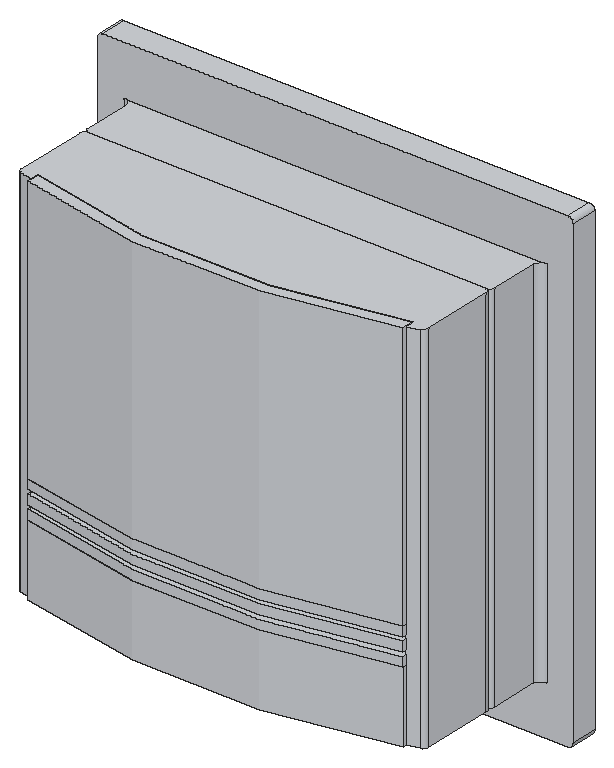
Revit family "室内用湿度ｾﾝｻｰ(ロゴなし)", category Electrical Equipment, Revit 2022
Family settings
  Panel Configuration = Two Columns, Circuits Across
  Round Connector Dimension = Use Diameter
  Part Type = Panelboard
  OmniClass Number = 23.80.30.11.17
  OmniClass Title = Distribution Boards and Control Panels
  Work Plane-Based = No
  Always vertical = Yes
  Cut with Voids When Loaded = No
  Maintain Annotation Orientation = No
  Shared = No
  Room Calculation Point = No
Parameters
  電線管φ [instance] = 1 mm
  Default Elevation = 0 mm
  built-in parameter 1155100 [instance] = -1
  built-in parameter 1140142 [instance] = -1
  built-in parameter 1140140 [instance] = 1 (stored number, unit not read)
Reference planes
  plane 1 "中心(正面/背面)": y = 0
  plane 2: z = 0
  plane 3 "中心(左/右)": x = 0
Forms (mm)
  Extrusion 1, solid
    sketch origin (0, 0, 0) x (1, 0, 0) y (0, 0, 1)
      loop
        arc (-45, -44) -> (-44.707, -44.707) -> (-44, -45) r 1
        line (-44, -45) -> (44, -45)
        arc (44, -45) -> (44.707, -44.707) -> (45, -44) r 1
        line (45, -44) -> (45, 44)
        arc (45, 44) -> (44.707, 44.707) -> (44, 45) r 1
        line (44, 45) -> (-44, 45)
        arc (-44, 45) -> (-44.707, 44.707) -> (-45, 44) r 1
        line (-45, 44) -> (-45, -44)
    from -27.5 to -22.5
  Extrusion 2, solid
    sketch origin (0, 0, 0) x (1, 0, 0) y (0, 1, 0)
      loop
        arc (-40, 22.5) -> (-38.939, 22.061) -> (-38.5, 21) r 1.5
        line (-38.5, 21) -> (-38.5, 12)
        arc (-38.5, 12) -> (-38.207, 11.293) -> (-37.5, 11) r 1
        line (-37.5, 11) -> (37.5, 11)
        arc (37.5, 11) -> (38.207, 11.293) -> (38.5, 12) r 1
        line (38.5, 12) -> (38.5, 21)
        arc (38.5, 21) -> (38.939, 22.061) -> (40, 22.5) r 1.5
        line (40, 22.5) -> (-40, 22.5)
    from -35.5 to 35.41
  Extrusion 3, solid
    sketch origin (0, 0, 0) x (1, 0, 0) y (0, 1, 0)
      loop
        arc (-37.5, 11) -> (-38.207, 10.707) -> (-38.5, 10) r 1
        line (-38.5, 10) -> (-38.5, -3.669)
        arc (-38.5, -3.669) -> (-38.307, -4.259) -> (-37.804, -4.622) r 1
        arc (-37.804, -4.622) -> (-36.654, -4.982) -> (-35.5, -5.331) r 124.5
        line (-35.5, -5.331) -> (-35.5, -3.557)
        arc (-35.5, -3.557) -> (0, -8.8) -> (35.5, -3.557) r 122.8
        line (35.5, -3.557) -> (35.5, -5.331)
        arc (35.5, -5.331) -> (36.654, -4.982) -> (37.804, -4.622) r 124.5
        arc (37.804, -4.622) -> (38.307, -4.259) -> (38.5, -3.669) r 1
        line (38.5, -3.669) -> (38.5, 10)
        arc (38.5, 10) -> (38.207, 10.707) -> (37.5, 11) r 1
        line (37.5, 11) -> (-37.5, 11)
    from -35.5 to 35.5
  Extrusion 4, solid
    sketch origin (0, 0, 0) x (1, 0, 0) y (0, 1, 0)
      loop
        arc (-35.5, -5.853) -> (0, -11) -> (35.5, -5.853) r 125
        line (35.5, -5.853) -> (35.5, -3.557)
        arc (35.5, -3.557) -> (0, -8.8) -> (-35.5, -3.557) r 122.8
        line (-35.5, -3.557) -> (-35.5, -5.853)
    from -35.5 to -22
  Extrusion 5, solid
    sketch origin (0, -0.043, 0) x (1, 0, 0) y (0, 1, 0)
      loop
        arc (-35.5, -5.853) -> (0, -11) -> (35.5, -5.853) r 125
        line (35.5, -5.853) -> (35.5, -3.557)
        arc (35.5, -3.557) -> (0, -8.8) -> (-35.5, -3.557) r 122.8
        line (-35.5, -3.557) -> (-35.5, -5.853)
    from -15 to 35.5
  Extrusion 6, solid
    sketch origin (0, -0.043, -4.4) x (1, 0, 0) y (0, 1, 0)
      loop
        arc (-35.5, -5.853) -> (0, -11) -> (35.5, -5.853) r 125
        line (35.5, -5.853) -> (35.5, -3.557)
        arc (35.5, -3.557) -> (0, -8.8) -> (-35.5, -3.557) r 122.8
        line (-35.5, -3.557) -> (-35.5, -5.853)
    from -15 to -13.2
  Extrusion 7, solid
    sketch origin (0, -0.043, -1.8) x (1, 0, 0) y (0, 1, 0)
      loop
        arc (-35.5, -5.853) -> (0, -11) -> (35.5, -5.853) r 125
        line (35.5, -5.853) -> (35.5, -3.557)
        arc (35.5, -3.557) -> (0, -8.8) -> (-35.5, -3.557) r 122.8
        line (-35.5, -3.557) -> (-35.5, -5.853)
    from -15 to -13.2
  Extrusion 8, solid
    sketch origin (0, -0.043, -7) x (1, 0, 0) y (0, 1, 0)
      loop
        arc (-35.5, -5.853) -> (0, -11) -> (35.5, -5.853) r 125
        line (35.5, -5.853) -> (35.5, -3.557)
        arc (35.5, -3.557) -> (0, -8.8) -> (-35.5, -3.557) r 122.8
        line (-35.5, -3.557) -> (-35.5, -5.853)
    from -15 to -13.2
  Extrusion 9, solid
    sketch origin (0, 0, 0) x (1, 0, 0) y (0, 0, 1)
      loop
        circle (0, 0) r 0.5
    from -27.5 to -11
Dimensions and locks
  "電線管φ": diameter of Extrusion 9 sketch curve
  aligned and locked: level to plane 2
Automatic sketch dimensions
  Extrusion 1 sketch curve to plane 3 "中心(左/右)" = 45 mm
  Extrusion 1 sketch curve to Extrusion 1 sketch curve = 1 mm  (x3)
  plane 3 "中心(左/右)" to Extrusion 1 sketch curve = 44 mm  (x2)
  Extrusion 1 sketch curve to level = 45 mm
  level to Extrusion 1 sketch curve = 44 mm
  Extrusion 2 sketch curve to plane 3 "中心(左/右)" = 40 mm
  Extrusion 2 sketch curve to Extrusion 2 sketch curve = 1.5 mm  (x2)
  Extrusion 2 sketch curve to Extrusion 2 sketch curve = 1 mm  (x2)
  Extrusion 2 sketch curve to plane 1 "中心(正面/背面)" = 11 mm
  plane 3 "中心(左/右)" to Extrusion 2 sketch curve = 37.5 mm
  Extrusion 2 sketch curve to Extrusion 2 sketch curve = 9 mm  (x2)
  Extrusion 2 sketch curve to Extrusion 2 sketch curve = 0 mm  (x3)
  Extrusion 3 sketch curve to Extrusion 3 sketch curve = 0 mm  (x6)
  Extrusion 3 sketch curve to plane 3 "中心(左/右)" = 0 mm
  plane 1 "中心(正面/背面)" to Extrusion 3 sketch curve = 5.331 mm  (x2)
  Extrusion 3 sketch curve to plane 3 "中心(左/右)" = 35.5 mm
  Extrusion 3 sketch curve to Extrusion 3 sketch curve = 2 mm  (x4)
  Extrusion 3 sketch curve to Extrusion 3 sketch curve = 1 mm  (x2)
  plane 3 "中心(左/右)" to Extrusion 3 sketch curve = 35.5 mm
  Extrusion 3 sketch curve to Extrusion 3 sketch curve = 1.662 mm  (x2)
  Extrusion 3 sketch curve to Extrusion 3 sketch curve = 1.775 mm
  Extrusion 3 sketch curve to plane 1 "中心(正面/背面)" = 10 mm
  Extrusion 3 sketch curve to Extrusion 3 sketch curve = 103 mm
  Extrusion 4 sketch curve to Extrusion 4 sketch curve = 0 mm  (x2)
  Extrusion 4 sketch curve to plane 3 "中心(左/右)" = 0 mm
  plane 1 "中心(正面/背面)" to Extrusion 4 sketch curve = 5.853 mm  (x2)
  Extrusion 4 sketch curve to plane 3 "中心(左/右)" = 35.5 mm
  Extrusion 4 sketch curve to Extrusion 4 sketch curve = 2.296 mm
  Extrusion 4 sketch curve to plane 1 "中心(正面/背面)" = 114 mm
  Extrusion 5 sketch curve to Extrusion 5 sketch curve = 0 mm  (x2)
  Extrusion 5 sketch curve to plane 3 "中心(左/右)" = 0 mm
  plane 1 "中心(正面/背面)" to Extrusion 5 sketch curve = 5.896 mm  (x2)
  Extrusion 5 sketch curve to plane 3 "中心(左/右)" = 35.5 mm
  Extrusion 5 sketch curve to Extrusion 5 sketch curve = 2.296 mm
  Extrusion 5 sketch curve to plane 1 "中心(正面/背面)" = 113.957 mm
  Extrusion 6 sketch curve to Extrusion 6 sketch curve = 0 mm  (x2)
  Extrusion 6 sketch curve to plane 3 "中心(左/右)" = 0 mm
  plane 1 "中心(正面/背面)" to Extrusion 6 sketch curve = 5.896 mm  (x2)
  Extrusion 6 sketch curve to plane 3 "中心(左/右)" = 35.5 mm
  Extrusion 6 sketch curve to Extrusion 6 sketch curve = 2.296 mm
  Extrusion 6 sketch curve to plane 1 "中心(正面/背面)" = 113.957 mm
  Extrusion 7 sketch curve to Extrusion 7 sketch curve = 0 mm  (x2)
  Extrusion 7 sketch curve to plane 3 "中心(左/右)" = 0 mm
  plane 1 "中心(正面/背面)" to Extrusion 7 sketch curve = 5.896 mm  (x2)
  Extrusion 7 sketch curve to plane 3 "中心(左/右)" = 35.5 mm
  Extrusion 7 sketch curve to Extrusion 7 sketch curve = 2.296 mm
  Extrusion 7 sketch curve to plane 1 "中心(正面/背面)" = 113.957 mm
  Extrusion 8 sketch curve to Extrusion 8 sketch curve = 0 mm  (x2)
  Extrusion 8 sketch curve to plane 3 "中心(左/右)" = 0 mm
  plane 1 "中心(正面/背面)" to Extrusion 8 sketch curve = 5.896 mm  (x2)
  Extrusion 8 sketch curve to plane 3 "中心(左/右)" = 35.5 mm
  Extrusion 8 sketch curve to Extrusion 8 sketch curve = 2.296 mm
  Extrusion 8 sketch curve to plane 1 "中心(正面/背面)" = 113.957 mm
  Extrusion 9 sketch curve to level = 0 mm
  Extrusion 9 sketch curve to plane 3 "中心(左/右)" = 0 mm
Connectors
  electrical at (0, 22.5, -0.045)
    settings: on Extrusion 2, index 1, voltage 0 V, apparent load 0 VA, apparent load phase1 0 VA, apparent load phase2 0 VA, apparent load phase3 0 VA, power factor 1, load classification "その他", number of poles 1, system type 31, power factor state 1, is connector primary yes, connector utility no, sub classification motor no, connector description ""
  cabletrayconduit at (0, 27.5, 0), diameter 1, driven by "電線管φ"
    settings: on Extrusion 9, index 2, connector width 300 mm, connector height 300 mm, connector angle 0.00°, system type 32, placement type 0, profile type 0, connector reference index -1, is primary connector yes, connector utility param no, connector description ""
